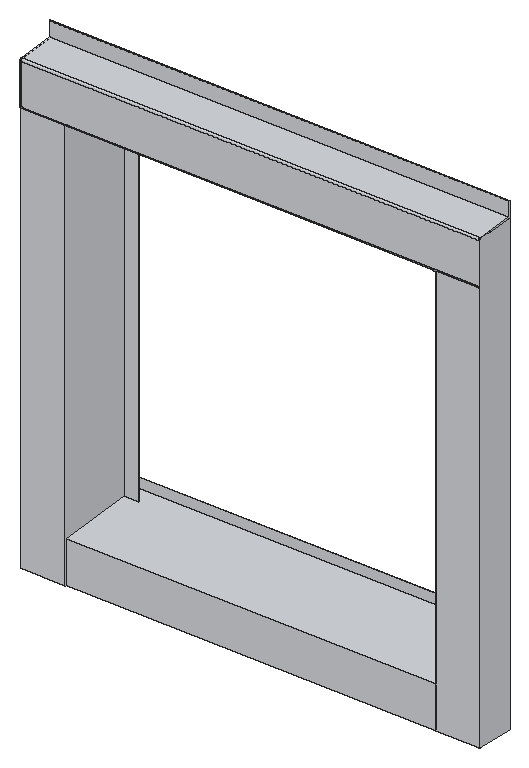
Revit family "Kader", category Generic Models, Revit 2022
Family settings
  Can host rebar = No
  Round Connector Dimension = Use Diameter
  Part Type = Normal
  Work Plane-Based = No
  Always vertical = Yes
  Cut with Voids When Loaded = No
  Maintain Annotation Orientation = No
  Shared = No
  Room Calculation Point = No
Parameters
  Waterhol_zichtbaar [instance] = not(Druppel)  # yes
  Manufacturer = "Meilof Riks BV"  # constant formula
  Kleur [instance] = none
  Keynote = "Kader"  # constant formula
  Hoogte_onderregel [instance] = 113 mm
  Hoogte_onderkant [instance] = 1200 mm
  Hoogte [instance] = 1000 mm
  Hoek_waterslag [instance] = 5.00°
  Hoek_bovenregel [instance] = 5.00°
  Druppel [instance] = no
  Diepte_waterslag [instance] = 140 mm
  Diepte_negge [instance] = 100 mm
  Diepte_kader [instance] = 100 mm
  Description = "Maatvoering altijd in overleg met Meilof Riks BV."  # constant formula
  Default Elevation = 0 mm
  Hoogte_bovenregel [instance] = 120 mm
  Breedte_zijstijl [instance] = 120 mm
  Breedte [instance] = 1000 mm
Reference planes
  plane 1 "Center (Front/Back)": y = 0
  plane 2: z = 0
  plane 3 "Center (Left/Right)": x = 0
Dimensions and locks
  aligned and locked: level to plane 2
  aligned and locked: plane 1 "Center (Front/Back)" to nested 1
  aligned and locked: plane 3 "Center (Left/Right)" to nested 1
  aligned and locked: plane 1 "Center (Front/Back)" to nested 2
  aligned and locked: plane 3 "Center (Left/Right)" to nested 2
Nested families
  nested 1: "Kader_KI_druppel" at (0, 0, 0), Breedte <- "Breedte", Diepte_kader <- "Diepte_kader", Diepte_negge <- "Diepte_negge", Hoogte <- "Hoogte", Hoogte_onderkant <- "Hoogte_onderkant", Hoogte_onderregel <- "Hoogte_onderregel", Hoogte_bovenregel <- "Hoogte_bovenregel", Breedte_zijstijl <- "Breedte_zijstijl", Hoek_bovenzijde <- "Hoek_bovenregel", Hoek_waterslag <- "Hoek_waterslag", Diepte_waterslag <- "Diepte_waterslag", Kleur <- "Kleur", visible <- "Druppel", type "Kader_KI_druppel"
    with Kleur none, Hoogte_onderregel 113 mm, Hoogte_onderkant 1200 mm, Hoogte_bovenregel 120 mm, Hoogte 1000 mm, Hoek_waterslag 5.00°, Hoek_bovenzijde 5.00°, Diepte_waterslag 140 mm, Diepte_negge 100 mm, Diepte_kader 100 mm, Breedte_zijstijl 120 mm, Breedte 1000 mm
  nested 2: "Kader_KI_zonder_druppel" at (0, 0, 0), Breedte <- "Breedte", Hoogte <- "Hoogte", Diepte_kader <- "Diepte_kader", Diepte_negge <- "Diepte_negge", Hoogte_onderkant <- "Hoogte_onderkant", Hoogte_onderregel <- "Hoogte_onderregel", Hoogte_bovenregel <- "Hoogte_bovenregel", Breedte_zijstijl <- "Breedte_zijstijl", Diepte_waterslag <- "Diepte_waterslag", Hoek_bovenzijde <- "Hoek_bovenregel", Hoek_waterslag <- "Hoek_waterslag", visible <- "Waterhol_zichtbaar", type "Kader_KI_zonder_druppel"
    with Kleur none, Hoogte_onderregel 113 mm, Hoogte_onderkant 1200 mm, Hoogte_bovenregel 120 mm, Hoogte 1000 mm, Hoek_waterslag 5.00°, Hoek_bovenzijde 5.00°, Diepte_waterslag 140 mm, Diepte_negge 100 mm, Diepte_kader 100 mm, Breedte_zijstijl 120 mm, Breedte 1000 mm
Definition of nested family "Kader_KI_druppel"
  Parameters (values of type "Kader_KI_druppel")
    URL = "https://www.meilofriks.nl/kaders/ki/"
    Model = "Kader KI met druppel"
    Kleur [instance] = none
    Hoogte_onderregel [instance] = 118 mm
    Hoogte_onderkant [instance] = 1000 mm
    Hoogte [instance] = 1500 mm
    Hoogte_bovenregel [instance] = 150 mm
    Hoek_waterslag [instance] = 5.00°
    Hoek_bovenzijde [instance] = 5.00°
    Diepte_waterslag [instance] = 150 mm
    Diepte_negge [instance] = 110 mm
    Diepte_kader [instance] = 150 mm
    Description = "Maatvoering in overleg met Meilof Riks BV. Dit model is enkel voor visualisatie."
    Breedte_zijstijl [instance] = 140 mm
    Default Elevation = 0 mm
    Breedte [instance] = 1000 mm
    Assembly Code = "Kader KI met druppel"
  Reference planes
    plane 1 "Center (Front/Back)": y = 0
    plane 2: z = 0
    plane 3 "Center (Left/Right)": x = 0
    plane 4: x = -500
    plane 5: x = 500
    plane 6: z = 2500
    plane 7: z = 1000
  Dimensions and locks
    equal spacing: plane 5, plane 3 "Center (Left/Right)", plane 4
    "Breedte": plane 5 to plane 4
    "Hoogte": plane 6 to plane 7
    "Hoogte_onderkant": plane 7 to level
    aligned and locked: level to plane 2
    aligned and locked: nested 1 to plane 1 "Center (Front/Back)"
    aligned and locked: nested 1 to plane 3 "Center (Left/Right)"
    aligned and locked: nested 1 to plane 6
    aligned and locked: plane 1 "Center (Front/Back)" to nested 2
    aligned and locked: plane 3 "Center (Left/Right)" to nested 3
    aligned and locked: plane 1 "Center (Front/Back)" to nested 3
    aligned and locked: plane 4 to nested 4
    aligned and locked: nested 4 to plane 1 "Center (Front/Back)"
    aligned and locked: plane 5 to nested 2
  Nested families
    nested 1: "Kader_bovenregel" at (0, -151.2, 2500) x (-1, 0, 0) z (0, 0, 1), Breedte_kozijn <- "Breedte", Breedte_zijstijl <- "Breedte_zijstijl", Diepte_negge <- "Diepte_negge", Diepte_kader <- "Diepte_kader", Hoogte_regel <- "Hoogte_bovenregel", Hoek <- "Hoek_bovenzijde", Kleur <- "Kleur", type "Kader_bovenregel"
      with Rad3 3 mm, Kleur none, Hoogte_regel 150 mm, Hoek_h 13.228 mm, Hoek 5.00°, Extrusie_R 640 mm, Extrusie_L -640 mm, Diepte_regel_a 151.2 mm, Diepte_negge 110 mm, Diepte_kader 150 mm, Breedte_zijstijl 140 mm, Breedte_kozijn 1000 mm
    nested 2: "Kader_zijstijl" at (500, 0, 1000), Diepte_kader <- "Diepte_kader", Breedte_zijstijl <- "Breedte_zijstijl", Diepte_negge <- "Diepte_negge", Hoogte_onderregel <- "Hoogte_onderregel", Hoogte_bovenregel <- "Hoogte_bovenregel", Hoogte_kozijn <- "Hoogte", built-in parameter 1001360 <- "Hoogte_onderkant", Hoek <- "Hoek_bovenzijde", Hoek_waterslag <- "Hoek_waterslag", Kleur <- "Kleur", type "Kader_zijstijl"
      with Kleur none, Hoogte_onderregel 118 mm, Hoogte_kozijn 1500 mm, Hoogte_bovenregel_min 148.8 mm, Hoogte_bovenregel 150 mm, Hoek_waterslag_h 13.123 mm, Hoek_waterslag 5.00°, Hoek_h 13.123 mm, Hoek 5.00°, Extrude_onder 138.8 mm, Extrude_2_neg -168 mm, Extrude_2 168 mm, Extrude_1 1713.123 mm, Diepte_negge 110 mm, Diepte_kader 150 mm, Breedte_zijstijl 140 mm
    nested 3: "Kader_onderregel" at (0, 0, 1000), Breedte_kozijn <- "Breedte", Breedte_zijstijl <- "Breedte_zijstijl", Diepte_kader <- "Diepte_kader", Diepte_negge <- "Diepte_negge", Hoogte_regel_onder <- "Hoogte_onderregel", built-in parameter 1001360 <- "Hoogte_onderkant", Hoek_waterslag <- "Hoek_waterslag", Diepte_waterslag <- "Diepte_waterslag", Kleur <- "Kleur", type "Kader_onderregel"
      with Void_start -116.8 mm, Void_end 213.123 mm, Kleur none, Hoogte_waterslag 13.123 mm, Hoogte_regel_onder_neg -118 mm, Hoogte_regel_onder 118 mm, Hoogte_lip 43.123 mm, Hoek_waterslag 5.00°, Extrusie_R 638.8 mm, Extrusie_L -638.8 mm, Diepte_waterslag 150 mm, Diepte_negge 110 mm, Diepte_kader_d 148.8 mm, Diepte_kader 150 mm, Breedte_zijstijl 140 mm, Breedte_kozijn 1000 mm, Begin_void 500 mm
    nested 4: "Kader_zijstijl" at (-500, 0, 1000) x (-1, 0, 0) z (0, 0, 1), Diepte_kader <- "Diepte_kader", Breedte_zijstijl <- "Breedte_zijstijl", Diepte_negge <- "Diepte_negge", Hoogte_onderregel <- "Hoogte_onderregel", Hoogte_bovenregel <- "Hoogte_bovenregel", Hoogte_kozijn <- "Hoogte", built-in parameter 1001360 <- "Hoogte_onderkant", Hoek <- "Hoek_bovenzijde", Hoek_waterslag <- "Hoek_waterslag", Kleur <- "Kleur", type "Kader_zijstijl"
      with Kleur none, Hoogte_onderregel 118 mm, Hoogte_kozijn 1500 mm, Hoogte_bovenregel_min 148.8 mm, Hoogte_bovenregel 150 mm, Hoek_waterslag_h 13.123 mm, Hoek_waterslag 5.00°, Hoek_h 13.123 mm, Hoek 5.00°, Extrude_onder 138.8 mm, Extrude_2_neg -168 mm, Extrude_2 168 mm, Extrude_1 1713.123 mm, Diepte_negge 110 mm, Diepte_kader 150 mm, Breedte_zijstijl 140 mm
  Definition of nested family "Kader_bovenregel"
    Parameters (values of type "Kader_bovenregel")
      Rad_5 = 4.2 mm
      Rad3 [instance] = 3 mm
      Kleur [instance] = none
      Hoogte_regel [instance] = 180 mm
      Hoek_h [instance] = Diepte_regel_a * tan(Hoek)  # 10.604 mm
      Hoek [instance] = 5.00°
      Extrusie_R [instance] = (Breedte_kozijn + (2 * Breedte_zijstijl)) / 2  # 750 mm
      Extrusie_L [instance] = -Extrusie_R  # -750 mm
      Diepte_negge [instance] = 200 mm
      Diepte_regel_a [instance] = Diepte_kader + 1.2 mm  # 121.2 mm
      Diepte_kader [instance] = 120 mm
      Default Elevation = 0 mm
      Breedte_zijstijl [instance] = 250 mm
      Breedte_kozijn [instance] = 1000 mm
    Reference planes
      plane 1 "Center (Front/Back)": y = 0
      plane 2: z = 0
      plane 3 "Center (Left/Right)": x = 0
      plane 4: z = 180
      plane 5: y = -121.2
      plane 6: y = -32
      plane 7: y = -50.2
      plane 8: y = -68.4
      plane 9: z = 2
      plane 10: z = 190.604
      plane 11: z = 230.604
      plane 12: y = -321.2
      plane 13: x = -750
      plane 14: x = 750
      plane 15: z = 3.2
      plane 16: z = 1.2
    Forms (mm)
      Extrusion 1, solid, material <- "Kleur"
        sketch origin (0, 0, 0) x (0, 1, 0) y (0, 0, 1)
          loop
            line (0, 4.2) -> (0, 176.151)
            arc (0, 176.151) -> (-1.103, 178.989) -> (-3.834, 180.335) r 4.2
            line (-3.834, 180.335) -> (-120, 190.499) -> (-120, 230.604) -> (-121.2, 230.604) -> (-121.2, 1.2) -> (-320, 1.2) -> (-320, 20) -> (-321.2, 20) -> (-321.2, 0) -> (-68.4, 0) -> (-50.2, 2) -> (-32, 0) -> (-4.2, 0)
            arc (-4.2, 0) -> (-1.23, 1.23) -> (0, 4.2) r 4.2
        from 750 <- "Extrusie_R" to -750 <- "Extrusie_L"
      Extrusion 2, void
        sketch origin (750, 0, 0) x (0, -1, 0) y (0, 0, 1)
          loop
            line (121.252, 189.404) -> (3.939, 179.14)
            arc (3.939, 179.14) -> (1.988, 178.178) -> (1.2, 176.151) r 3
            line (1.2, 176.151) -> (1.2, 0) -> (321.2, 0) -> (321.2, 189.404) -> (121.252, 189.404)
        from 0 to 250 <- "Breedte_zijstijl"
      Extrusion 3, void
        sketch origin (-750, 0, 0) x (0, 1, 0) y (0, 0, 1)
          loop
            line (-3.939, 179.14) -> (-121.252, 189.404) -> (-321.2, 189.404) -> (-321.2, 0) -> (-1.2, 0) -> (-1.2, 176.151)
            arc (-1.2, 176.151) -> (-1.988, 178.178) -> (-3.939, 179.14) r 3
        from 0 to 250 <- "Breedte_zijstijl"
      Extrusion 4, void
        sketch origin (750, -1524, 426.691) x (0, 0, -1) y (0, -1, 0)
          loop
            line (425.491, -1519.8) -> (425.491, -1492) -> (423.491, -1473.8) -> (425.491, -1455.6) -> (425.491, -1402.8) -> (237.292, -1402.8) -> (247.551, -1520.061)
            arc (247.551, -1520.061) -> (248.513, -1522.012) -> (250.539, -1522.8) r 3
            line (250.539, -1522.8) -> (422.491, -1522.8)
            arc (422.491, -1522.8) -> (424.612, -1521.921) -> (425.491, -1519.8) r 3
        from 0 to 1500
    Cuts and joins
      Extrusion 2, Extrusion 3, Extrusion 4 cuts Extrusion 1
    Lines and regions (mm)
      reference lines
        curve 1: line (0, 0, 180) -> (0, -121.2, 190.604)
    Dimensions and locks
      "Diepte_regel_a": plane 1 "Center (Front/Back)" to plane 5
      "Hoogte_regel": plane 4 to level
      locked: plane 9 to plane 2 at 2
      locked: plane 1 "Center (Front/Back)" to plane 6 at 32
      locked: plane 6 to plane 7 at 18.2
      locked: plane 7 to plane 8 at 18.2
      "Hoek_h": plane 10 to plane 4
      locked: plane 11 to plane 10 at 40
      locked: Extrusion 1 sketch curve to plane 5 at 1.2
      locked: Extrusion 1 sketch curve to level at 1.2
      locked: Extrusion 1 sketch curve to plane 12 at 1.2
      "Diepte_negge": plane 5 to plane 12
      "Extrusie_R": plane 3 "Center (Left/Right)" to plane 13
      "Extrusie_R": plane 14 to plane 3 "Center (Left/Right)"
      locked: curve 1 to Extrusion 2 sketch curve at 1.2
      locked: plane 1 "Center (Front/Back)" to Extrusion 2 sketch curve at 1.2
      plane 10 to Extrusion 2 sketch curve = 1.2 mm
      locked: cut or joined group of Extrusion 1, Extrusion 2, Extrusion 3, Extrusion 4 to Extrusion 3 sketch curve at 1.2
      locked: plane 10 to Extrusion 3 sketch curve at 1.2
      locked: plane 1 "Center (Front/Back)" to Extrusion 3 sketch curve at 1.2
      locked: plane 16 to plane 2 at 1.2
      locked: plane 15 to plane 16 at 2
      locked: plane 1 "Center (Front/Back)" to Extrusion 4 sketch curve at 1.2
      locked: Extrusion 4 sketch curve to curve 1 at 1.2
      "Rad_5": radius of Extrusion 1 sketch curve  (x2)
      "Rad3": radius of Extrusion 2 sketch curve
      "Rad3": radius of Extrusion 3 sketch curve
      "Rad3": radius of Extrusion 4 sketch curve  (x2)
      aligned and locked: level to plane 2
      aligned and locked: plane 2 to Extrusion 1 sketch curve  (x2)
      aligned and locked: Extrusion 1 sketch curve to plane 12
      aligned and locked: plane 9 to Extrusion 1 sketch curve
      aligned and locked: plane 7 to Extrusion 1 sketch curve
      aligned and locked: plane 8 to Extrusion 1 sketch curve
      aligned and locked: plane 6 to Extrusion 1 sketch curve
      aligned and locked: plane 1 "Center (Front/Back)" to Extrusion 1 sketch curve
      aligned and locked: curve 1 to Extrusion 1 sketch curve
      aligned and locked: Extrusion 1 sketch curve to plane 11
      aligned and locked: Extrusion 1 sketch curve to plane 5
      aligned and locked: Extrusion 2 sketch curve to plane 2
      aligned and locked: Extrusion 2 sketch curve to plane 12
      aligned and locked: plane 2 to Extrusion 3 sketch curve
      aligned and locked: Extrusion 4 sketch curve to plane 16  (x2)
      aligned and locked: plane 15 to Extrusion 4 sketch curve
      aligned and locked: plane 5 to Extrusion 4 sketch curve
      aligned and locked: Extrusion 1 to Extrusion 4  (x2)
    Automatic sketch dimensions
      curve 1 to plane 5 = 0 mm
      curve 1 to plane 1 "Center (Front/Back)" = 0 mm
      curve 1 to plane 4 = 0 mm
      curve 1 to plane 10 = 0 mm
      plane 15 to Extrusion 1 sketch curve = 16.8 mm
      Extrusion 3 sketch curve to Extrusion 1 = 0 mm
      Extrusion 4 sketch curve to plane 6 = 0 mm
      Extrusion 4 sketch curve to plane 7 = 0 mm
      Extrusion 4 sketch curve to plane 8 = 0 mm
  Definition of nested family "Kader_zijstijl"
    Parameters (values of type "Kader_zijstijl")
      rad_5 = 5 mm
      Kleur [instance] = none
      Hoogte_onderregel [instance] = 150 mm
      Hoogte_kozijn [instance] = 1400 mm
      Hoogte_bovenregel_min [instance] = Hoogte_bovenregel - 1.2 mm  # 148.8 mm
      Hoogte_bovenregel [instance] = 150 mm
      Hoek_waterslag_h [instance] = Diepte_kader * tan(Hoek_waterslag)  # 43.744 mm
      Hoek_waterslag [instance] = 5.00°
      Hoek_h [instance] = Diepte_kader * tan(Hoek)  # 43.744 mm
      Hoek [instance] = 5.00°
      Extrude_onder [instance] = Breedte_zijstijl - 1.2 mm  # 198.8 mm
      Extrude_2_neg [instance] = -Extrude_2  # -200 mm
      Extrude_2 [instance] = Hoogte_onderregel + 50 mm  # 200 mm
      Extrude_1 [instance] = Hoogte_kozijn + Hoogte_bovenregel + Hoek_h + 50 mm  # 1643.744 mm
      Diepte_negge [instance] = 132.305 mm
      Diepte_kader [instance] = 500 mm
      Default Elevation = 0 mm
      Breedte_zijstijl [instance] = 200 mm
    Reference planes
      plane 1 "Center (Front/Back)": y = 0
      plane 2: z = 0
      plane 3 "Center (Left/Right)": x = 0
      plane 4: y = -500
      plane 5: x = 200
      plane 6: x = -40
      plane 7: y = 132.305
      plane 8: z = -200
      plane 9: z = 1643.744
      plane 10: z = 1400
      plane 11: z = -150
      plane 12: z = 1548.8
      plane 13: z = 1592.544
      plane 14: y = -498.8
      plane 15: z = -1.2
      plane 16: z = 43.744
      plane 17: x = 1.2
      plane 18: x = 198.8
      plane 19: y = -472
      plane 20: y = -422
      plane 21: z = 1405
      plane 22: y = -465
    Forms (mm)
      Extrusion 1, solid, material <- "Kleur"
        sketch origin (0, 0, 0) x (1, 0, 0) y (0, 1, 0)
          loop
            line (-40, 132.305) -> (-40, 131.105) -> (0, 131.105) -> (0, -500) -> (200, -500) -> (200, 0) -> (1.2, 0) -> (1.2, 132.305) -> (-40, 132.305)
        from -200 <- "Extrude_2_neg" to 1643.744 <- "Extrude_1"
      Extrusion 2, void
        sketch origin (0, 0, 0) x (0, 1, 0) y (0, 0, 1)
          loop
            line (-500, 1548.8) -> (0, 1592.544) -> (0, 1400) -> (132.305, 1400) -> (132.305, 1643.744) -> (-500, 1643.744) -> (-500, 1548.8)
        from -40 to 200
      Extrusion 3, void
        sketch origin (0, 0, 0) x (0, 1, 0) y (0, 0, 1)
          loop
            line (-498.8, -200) -> (132.305, -200) -> (132.305, 55.347) -> (-498.8, 0) -> (-498.8, -200)
        from -50 to 198.8 <- "Extrude_onder"
      Extrusion 4, void
        sketch origin (0, 0, 0) x (0, 1, 0) y (0, 0, 1)
          loop
            line (132.305, -150) -> (-465, -150) -> (-492.5, -165.877)
            arc (-492.5, -165.877) -> (-497.5, -165.877) -> (-500, -161.547) r 5
            line (-500, -161.547) -> (-500, -200) -> (132.305, -200) -> (132.305, -150)
        from -40 to 200
      Extrusion 5, void
        sketch origin (0, 0, 0) x (0, 1, 0) y (0, 0, 1)
          loop
            line (0, 1400) -> (0, 1592.544) -> (-500, 1548.8) -> (-500, 1405) -> (-498.8, 1405) -> (-498.8, 1400) -> (-472, 1400) -> (-472, 1405) -> (-422, 1405) -> (-422, 1400) -> (0, 1400)
        from 0 to 198.8 <- "Extrude_onder"
      Extrusion 6, void
        sketch origin (0, 0, 0) x (1, 0, 0) y (0, 1, 0)
          loop
            line (1.2, -498.8) -> (198.8, -498.8) -> (198.8, 0) -> (1.2, 0) -> (1.2, -498.8)
        from -150 to 1400
      Extrusion 7, void
        sketch origin (0, 0, 0) x (1, 0, 0) y (0, 1, 0)
          loop
            line (1.2, -422) -> (1.2, -472) -> (198.8, -472) -> (198.8, -422) -> (1.2, -422)
        from 0 to 1643.744
    Cuts and joins
      Extrusion 2, Extrusion 3, Extrusion 4, Extrusion 5, Extrusion 6, Extrusion 7 cuts Extrusion 1
    Lines and regions (mm)
      reference lines
        curve 1: line (0, -500, 1548.8) -> (0, 0, 1592.544)
        curve 2: line (0, -498.8, 0) -> (0, 0, 43.744)
    Dimensions and locks
      "Breedte_zijstijl": plane 3 "Center (Left/Right)" to plane 5
      "Diepte_kader": plane 4 to plane 1 "Center (Front/Back)"
      locked: plane 6 to plane 3 "Center (Left/Right)" at 40
      "Diepte_negge": plane 7 to plane 1 "Center (Front/Back)"
      locked: plane 7 to Extrusion 1 sketch curve at 1.2
      locked: plane 3 "Center (Left/Right)" to Extrusion 1 sketch curve at 1.2
      "Extrude_1": plane 9 to level
      "Extrude_2": plane 2 to plane 8
      "Hoogte_onderregel": plane 2 to plane 11
      "Hoogte_kozijn": plane 10 to plane 2
      "Hoogte_bovenregel_min": plane 12 to plane 10
      "Hoek_h": plane 13 to plane 12
      locked: plane 14 to plane 4 at 1.2
      locked: plane 2 to plane 15 at 1.2
      "Hoek_waterslag_h": plane 16 to plane 2
      locked: plane 3 "Center (Left/Right)" to plane 17 at 1.2
      Extrusion 6 to plane 3 "Center (Left/Right)" = 198.8 mm
      locked: plane 18 to plane 5 at 1.2
      locked: plane 21 to plane 10 at 5
      locked: plane 19 to plane 4 at 28
      locked: plane 20 to plane 19 at 50
      locked: plane 3 "Center (Left/Right)" to Extrusion 7 sketch curve at 1.2
      locked: Extrusion 7 sketch curve to plane 5 at 1.2
      locked: plane 22 to plane 4 at 35
      "rad_5": radius of Extrusion 4 sketch curve
      angle plane 11 to Extrusion 4 sketch curve = 150.00°
      aligned and locked: level to plane 2
      aligned and locked: Extrusion 1 sketch curve to plane 7
      aligned and locked: plane 3 "Center (Left/Right)" to Extrusion 1 sketch curve
      aligned and locked: plane 4 to Extrusion 1 sketch curve
      aligned and locked: plane 5 to Extrusion 1 sketch curve
      aligned and locked: plane 1 "Center (Front/Back)" to Extrusion 1 sketch curve
      aligned and locked: Extrusion 2 sketch curve to plane 9
      aligned and locked: plane 4 to Extrusion 2 sketch curve
      aligned and locked: Extrusion 2 sketch curve to plane 7
      aligned and locked: Extrusion 2 sketch curve to curve 1
      aligned and locked: Extrusion 2 to plane 5
      aligned and locked: Extrusion 2 to plane 6
      aligned and locked: plane 10 to Extrusion 2 sketch curve
      aligned and locked: Extrusion 2 sketch curve to plane 1 "Center (Front/Back)"
      aligned and locked: cut or joined group of Extrusion 1, Extrusion 2, Extrusion 3, Extrusion 4, Extrusion 5, Extrusion 6, Extrusion 7 to plane 5
      aligned and locked: Extrusion 3 sketch curve to plane 8
      aligned and locked: plane 14 to Extrusion 3 sketch curve
      aligned and locked: plane 7 to Extrusion 3 sketch curve
      aligned and locked: Extrusion 3 sketch curve to curve 2
      aligned and locked: plane 11 to Extrusion 4 sketch curve
      aligned and locked: plane 7 to Extrusion 4 sketch curve
      aligned and locked: Extrusion 4 sketch curve to plane 8
      aligned and locked: plane 4 to Extrusion 4 sketch curve
      aligned and locked: Extrusion 4 to plane 6
      aligned and locked: Extrusion 4 to plane 5
      aligned and locked: Extrusion 5 sketch curve to plane 1 "Center (Front/Back)"
      aligned and locked: Extrusion 5 sketch curve to plane 10
      aligned and locked: Extrusion 5 sketch curve to cut or joined group of Extrusion 1, Extrusion 2, Extrusion 3, Extrusion 4, Extrusion 5, Extrusion 6, Extrusion 7
      aligned and locked: plane 14 to Extrusion 6 sketch curve
      aligned and locked: plane 17 to Extrusion 6 sketch curve
      aligned and locked: Extrusion 6 sketch curve to plane 1 "Center (Front/Back)"
      aligned and locked: plane 10 to Extrusion 6
      aligned and locked: Extrusion 6 to plane 11
      aligned and locked: Extrusion 6 sketch curve to plane 18
      aligned and locked: plane 13 to Extrusion 2 sketch curve
      aligned and locked: Extrusion 2 sketch curve to plane 12
      aligned and locked: Extrusion 5 sketch curve to plane 21  (x2)
      aligned and locked: plane 20 to Extrusion 5 sketch curve
      aligned and locked: Extrusion 5 sketch curve to plane 19
      aligned and locked: cut or joined group of Extrusion 1, Extrusion 2, Extrusion 3, Extrusion 4, Extrusion 5, Extrusion 6, Extrusion 7 to Extrusion 7 sketch curve
      aligned and locked: Extrusion 7 sketch curve to cut or joined group of Extrusion 1, Extrusion 2, Extrusion 3, Extrusion 4, Extrusion 5, Extrusion 6, Extrusion 7
      aligned and locked: Extrusion 1 to Extrusion 7
      aligned and locked: plane 14 to Extrusion 5 sketch curve
    Automatic sketch dimensions
      Extrusion 1 sketch curve to plane 6 = 0 mm
      curve 1 to plane 4 = 0 mm
      curve 2 to level = 0 mm
      curve 2 to plane 14 = 0 mm
      curve 2 to plane 1 "Center (Front/Back)" = 0 mm
      curve 1 to plane 1 "Center (Front/Back)" = 0 mm
      curve 2 to plane 16 = 0 mm
      curve 1 to plane 12 = 0 mm
      curve 1 to plane 13 = 0 mm
      Extrusion 5 sketch curve to plane 4 = 0 mm
      Extrusion 5 sketch curve to plane 10 = 0 mm
      Extrusion 4 sketch curve to plane 22 = 0 mm
  Definition of nested family "Kader_onderregel"
    Parameters (values of type "Kader_onderregel")
      rad_5 = 5 mm
      rad3 = 3.8 mm
      Void_start [instance] = Hoogte_regel_onder_neg + 1.2 mm  # -148.8 mm
      Void_end [instance] = 200 mm + Hoogte_waterslag  # 288.163 mm
      Kleur [instance] = none
      Hoogte_waterslag [instance] = Diepte_kader * tan(Hoek_waterslag)  # 88.163 mm
      Hoogte_regel_onder_neg [instance] = -Hoogte_regel_onder  # -150 mm
      Hoogte_regel_onder [instance] = 150 mm
      Hoogte_lip [instance] = 30 mm + Hoogte_waterslag  # 118.163 mm
      Hoek_waterslag [instance] = 10.00°
      Extrusie_R [instance] = Breedte_kozijn / 2 + (Breedte_zijstijl - 1.2 mm)  # 718.8 mm
      Extrusie_L [instance] = -Extrusie_R  # -718.8 mm
      Diepte_waterslag [instance] = 120 mm
      Diepte_negge [instance] = 100 mm
      Diepte_kader_d [instance] = Diepte_kader - 1.2 mm  # 498.8 mm
      Diepte_kader [instance] = 500 mm
      Default Elevation = 0 mm
      Breedte_zijstijl [instance] = 120 mm
      Breedte_kozijn [instance] = 1200 mm
      Begin_void [instance] = Breedte_kozijn / 2  # 600 mm
    Reference planes
      plane 1 "Center (Front/Back)": y = 0
      plane 2: z = 0
      plane 3 "Center (Left/Right)": x = 0
      plane 4: x = 718.8
      plane 5: x = -718.8
      plane 6: y = -498.8
      plane 7: z = -150
      plane 8: y = 120
      plane 9: z = 88.163
      plane 10: y = 118.8
      plane 11: z = 206.327
      plane 12: x = 600
      plane 13: x = -600
      plane 14: y = -497.6
      plane 15: z = -148.8
      plane 16: y = -463.8
    Forms (mm)
      Extrusion 1, solid, material <- "Kleur"
        sketch origin (0, 0, 0) x (0, 1, 0) y (0, 0, 1)
          loop
            line (0, -150) -> (0, 86.945) -> (120, 108.155) -> (120, 206.327) -> (118.8, 206.327) -> (118.8, 109.162) -> (-498.8, 0) -> (-498.8, -161.547)
            arc (-498.8, -161.547) -> (-496.3, -165.877) -> (-491.3, -165.877) r 5
            line (-491.3, -165.877) -> (-463.8, -150) -> (0, -150)
        from -718.8 <- "Extrusie_L" to 718.8 <- "Extrusie_R"
      Extrusion 2, void
        sketch origin (0, 0, 0) x (1, 0, 0) y (0, 1, 0)
          loop
            line (718.8, 120) -> (600, 120) -> (600, -498.8) -> (718.8, -498.8) -> (718.8, 120)
          loop
            line (-718.8, 120) -> (-718.8, -498.8) -> (-600, -498.8) -> (-600, 120) -> (-718.8, 120)
        from -148.8 <- "Void_start" to 288.163 <- "Void_end"
      Extrusion 3, void
        sketch origin (0, 0, 0) x (0, 1, 0) y (0, 0, 1)
          loop
            line (-497.6, -1.006) -> (-497.6, -161.547)
            arc (-497.6, -161.547) -> (-495.7, -164.838) -> (-491.9, -164.838) r 3.8
            line (-491.9, -164.838) -> (-464.122, -148.8) -> (0, -148.8) -> (0, 86.945) -> (-497.6, -1.006)
        from -718.8 to 718.8
      Extrusion 4, void
        sketch origin (0, 0, -148.8) x (0, 1, 0) y (1, 0, 0)
          loop
            line (-497.6, 600) -> (-497.6, 718.8) -> (-498.8, 718.8) -> (-498.8, 600) -> (-497.6, 600)
        from 0 to 12
      Extrusion 5, void
        sketch origin (0, 0, -148.8) x (0, 1, 0) y (1, 0, 0)
          loop
            line (-497.6, -718.8) -> (-497.6, -600) -> (-498.8, -600) -> (-498.8, -718.8) -> (-497.6, -718.8)
        from 0 to 12
    Cuts and joins
      Extrusion 2, Extrusion 3, Extrusion 4, Extrusion 5 cuts Extrusion 1
    Lines and regions (mm)
      reference lines
        curve 1: line (0, -498.8, 0) -> (0, 0, 88.163)
    Dimensions and locks
      "Extrusie_R": plane 5 to plane 3 "Center (Left/Right)"
      "Extrusie_R": plane 3 "Center (Left/Right)" to plane 4
      "Hoogte_regel_onder": plane 2 to plane 7
      "Diepte_kader_d": plane 6 to plane 1 "Center (Front/Back)"
      "Diepte_waterslag": plane 1 "Center (Front/Back)" to plane 8
      "Hoogte_waterslag": plane 9 to level
      locked: plane 8 to plane 10 at 1.2
      "Hoogte_lip": plane 11 to plane 9
      curve 1 to Extrusion 1 sketch curve = 1.2 mm
      "Begin_void": plane 13 to plane 3 "Center (Left/Right)"
      "Begin_void": plane 3 "Center (Left/Right)" to plane 12
      locked: plane 6 to plane 14 at 1.2
      locked: plane 15 to plane 7 at 1.2
      cut or joined group of Extrusion 1, Extrusion 2, Extrusion 3, Extrusion 4, Extrusion 5 to Extrusion 3 sketch curve = 1.2 mm
      locked: plane 6 to plane 16 at 35
      Extrusion 3 sketch curve to cut or joined group of Extrusion 1, Extrusion 2, Extrusion 3, Extrusion 4, Extrusion 5 = 1.2 mm
      "rad_5": radius of Extrusion 1 sketch curve
      "rad3": radius of Extrusion 3 sketch curve
      locked: Extrusion 1 sketch curve to plane 7 (angle 150.00°)
      aligned and locked: level to plane 2
      aligned and locked: plane 11 to Extrusion 1 sketch curve
      aligned and locked: plane 10 to Extrusion 1 sketch curve
      aligned and locked: Extrusion 1 sketch curve to plane 8
      aligned and locked: Extrusion 1 sketch curve to curve 1
      aligned and locked: plane 1 "Center (Front/Back)" to Extrusion 1 sketch curve
      aligned and locked: Extrusion 1 sketch curve to plane 7
      aligned and locked: Extrusion 1 sketch curve to plane 6
      aligned and locked: plane 4 to Extrusion 2 sketch curve
      aligned and locked: plane 8 to Extrusion 2 sketch curve
      aligned and locked: plane 5 to Extrusion 2 sketch curve
      aligned and locked: Extrusion 2 sketch curve to plane 8
      aligned and locked: Extrusion 2 sketch curve to plane 13
      aligned and locked: Extrusion 3 sketch curve to plane 14
      aligned and locked: Extrusion 3 sketch curve to plane 15
      aligned and locked: Extrusion 3 sketch curve to plane 1 "Center (Front/Back)"
      aligned and locked: plane 4 to cut or joined group of Extrusion 1, Extrusion 2, Extrusion 3, Extrusion 4, Extrusion 5
      aligned and locked: cut or joined group of Extrusion 1, Extrusion 2, Extrusion 3, Extrusion 4, Extrusion 5 to plane 5
      aligned and locked: Extrusion 2 sketch curve to plane 6
      aligned and locked: plane 6 to Extrusion 2 sketch curve
      aligned and locked: plane 16 to Extrusion 1 sketch curve
      aligned and locked: Extrusion 4 sketch curve to plane 4
      aligned and locked: Extrusion 4 sketch curve to plane 14
      aligned and locked: plane 6 to Extrusion 4 sketch curve
      aligned and locked: Extrusion 4 sketch curve to plane 12
      aligned and locked: plane 5 to Extrusion 5 sketch curve
      aligned and locked: Extrusion 5 sketch curve to plane 14
      aligned and locked: plane 6 to Extrusion 5 sketch curve
      aligned and locked: plane 13 to Extrusion 5 sketch curve
    Automatic sketch dimensions
      curve 1 to level = 0 mm
      curve 1 to plane 6 = 0 mm
      curve 1 to plane 1 "Center (Front/Back)" = 0 mm
      curve 1 to plane 9 = 0 mm
      Extrusion 2 sketch curve to plane 12 = 0 mm
Definition of nested family "Kader_KI_zonder_druppel"
  Parameters (values of type "Kader_KI_zonder_druppel")
    URL = "https://www.meilofriks.nl/kaders/ki/"
    Model = "Kader KI"
    Kleur [instance] = none
    Hoogte_onderregel [instance] = 113 mm
    Hoogte_onderkant [instance] = 1000 mm
    Hoogte [instance] = 1000 mm
    Hoogte_bovenregel [instance] = 100 mm
    Hoek_waterslag [instance] = 5.00°
    Hoek_bovenzijde [instance] = 5.00°
    Diepte_waterslag [instance] = 80 mm
    Diepte_negge [instance] = 20 mm
    Diepte_kader [instance] = 80 mm
    Description = "Maatvoering in overleg met Meilof Riks BV"
    Breedte_zijstijl [instance] = 100 mm
    Default Elevation = 0 mm
    Breedte [instance] = 1000 mm
    Assembly Code = "Kader KI"
  Reference planes
    plane 1 "Center (Front/Back)": y = 0
    plane 2: z = 0
    plane 3 "Center (Left/Right)": x = 0
    plane 4: x = -500
    plane 5: x = 500
    plane 6: z = 2000
    plane 7: z = 1000
  Dimensions and locks
    equal spacing: plane 5, plane 3 "Center (Left/Right)", plane 4
    "Breedte": plane 5 to plane 4
    "Hoogte": plane 6 to plane 7
    "Hoogte_onderkant": plane 7 to level
    aligned and locked: level to plane 2
    aligned and locked: nested 1 to plane 1 "Center (Front/Back)"
    aligned and locked: nested 1 to plane 3 "Center (Left/Right)"
    aligned and locked: nested 1 to plane 6
    aligned and locked: plane 1 "Center (Front/Back)" to nested 2
    aligned and locked: plane 3 "Center (Left/Right)" to nested 3
    aligned and locked: plane 1 "Center (Front/Back)" to nested 3
    aligned and locked: plane 4 to nested 4
    aligned and locked: nested 4 to plane 1 "Center (Front/Back)"
    aligned and locked: plane 5 to nested 2
  Nested families
    nested 1: "Kader_bovenregel" at (0, -81.2, 2000) x (-1, 0, 0) z (0, 0, 1), Breedte_kozijn <- "Breedte", Breedte_zijstijl <- "Breedte_zijstijl", Diepte_negge <- "Diepte_negge", Diepte_kader <- "Diepte_kader", Hoogte_regel <- "Hoogte_bovenregel", Hoek <- "Hoek_bovenzijde", Kleur <- "Kleur", type "Kader_bovenregel"
      with Rad3 3 mm, Kleur none, Hoogte_regel 100 mm, Hoek_h 7.104 mm, Hoek 5.00°, Extrusie_R 600 mm, Extrusie_L -600 mm, Diepte_regel_a 81.2 mm, Diepte_negge 20 mm, Diepte_kader 80 mm, Breedte_zijstijl 100 mm, Breedte_kozijn 1000 mm
    nested 2: "Kader_zijstijl" at (500, 0, 1000), Diepte_kader <- "Diepte_kader", Breedte_zijstijl <- "Breedte_zijstijl", Diepte_negge <- "Diepte_negge", Hoogte_onderregel <- "Hoogte_onderregel", Hoogte_bovenregel <- "Hoogte_bovenregel", Hoogte_kozijn <- "Hoogte", built-in parameter 1001360 <- "Hoogte_onderkant", Hoek <- "Hoek_bovenzijde", Hoek_waterslag <- "Hoek_waterslag", Kleur <- "Kleur", type "Kader_zijstijl"
      with Kleur none, Hoogte_onderregel 113 mm, Hoogte_kozijn 1000 mm, Hoogte_bovenregel_min 98.8 mm, Hoogte_bovenregel 100 mm, Hoek_waterslag_h 6.999 mm, Hoek_waterslag 5.00°, Hoek_h 6.999 mm, Hoek 5.00°, Extrude_onder 98.8 mm, Extrude_2_neg -163 mm, Extrude_2 163 mm, Extrude_1 1156.999 mm, Diepte_negge 20 mm, Diepte_kader 80 mm, Breedte_zijstijl 100 mm
    nested 3: "Kader_onderregel" at (0, 0, 1000), Breedte_kozijn <- "Breedte", Breedte_zijstijl <- "Breedte_zijstijl", Diepte_kader <- "Diepte_kader", Diepte_negge <- "Diepte_negge", Hoogte_regel_onder <- "Hoogte_onderregel", built-in parameter 1001360 <- "Hoogte_onderkant", Hoek_waterslag <- "Hoek_waterslag", Diepte_waterslag <- "Diepte_waterslag", Kleur <- "Kleur", type "Kader_onderregel"
      with Void_start -111.8 mm, Void_end 206.999 mm, Kleur none, Hoogte_waterslag 6.999 mm, Hoogte_regel_onder_neg -113 mm, Hoogte_regel_onder 113 mm, Hoogte_lip 36.999 mm, Hoek_waterslag 5.00°, Extrusie_R 598.8 mm, Extrusie_L -598.8 mm, Diepte_waterslag 80 mm, Diepte_negge 20 mm, Diepte_kader_d 78.8 mm, Diepte_kader 80 mm, Breedte_zijstijl 100 mm, Breedte_kozijn 1000 mm, Begin_void 500 mm
    nested 4: "Kader_zijstijl" at (-500, 0, 1000) x (-1, 0, 0) z (0, 0, 1), Diepte_kader <- "Diepte_kader", Breedte_zijstijl <- "Breedte_zijstijl", Diepte_negge <- "Diepte_negge", Hoogte_onderregel <- "Hoogte_onderregel", Hoogte_bovenregel <- "Hoogte_bovenregel", Hoogte_kozijn <- "Hoogte", built-in parameter 1001360 <- "Hoogte_onderkant", Hoek <- "Hoek_bovenzijde", Hoek_waterslag <- "Hoek_waterslag", Kleur <- "Kleur", type "Kader_zijstijl"
      with Kleur none, Hoogte_onderregel 113 mm, Hoogte_kozijn 1000 mm, Hoogte_bovenregel_min 98.8 mm, Hoogte_bovenregel 100 mm, Hoek_waterslag_h 6.999 mm, Hoek_waterslag 5.00°, Hoek_h 6.999 mm, Hoek 5.00°, Extrude_onder 98.8 mm, Extrude_2_neg -163 mm, Extrude_2 163 mm, Extrude_1 1156.999 mm, Diepte_negge 20 mm, Diepte_kader 80 mm, Breedte_zijstijl 100 mm
  Definition of nested family "Kader_bovenregel"
    Parameters (values of type "Kader_bovenregel")
      Rad_5 = 4.2 mm
      Rad3 [instance] = 3 mm
      Kleur [instance] = none
      Hoogte_regel [instance] = 180 mm
      Hoek_h [instance] = Diepte_regel_a * tan(Hoek)  # 10.604 mm
      Hoek [instance] = 5.00°
      Extrusie_R [instance] = (Breedte_kozijn + (2 * Breedte_zijstijl)) / 2  # 750 mm
      Extrusie_L [instance] = -Extrusie_R  # -750 mm
      Diepte_negge [instance] = 200 mm
      Diepte_regel_a [instance] = Diepte_kader + 1.2 mm  # 121.2 mm
      Diepte_kader [instance] = 120 mm
      Default Elevation = 0 mm
      Breedte_zijstijl [instance] = 250 mm
      Breedte_kozijn [instance] = 1000 mm
    Reference planes
      plane 1 "Center (Front/Back)": y = 0
      plane 2: z = 0
      plane 3 "Center (Left/Right)": x = 0
      plane 4: z = 180
      plane 5: y = -121.2
      plane 6: y = -32
      plane 7: y = -50.2
      plane 8: y = -68.4
      plane 9: z = 2
      plane 10: z = 190.604
      plane 11: z = 230.604
      plane 12: y = -321.2
      plane 13: x = -750
      plane 14: x = 750
      plane 15: z = 3.2
      plane 16: z = 1.2
    Forms (mm)
      Extrusion 1, solid, material <- "Kleur"
        sketch origin (0, 0, 0) x (0, 1, 0) y (0, 0, 1)
          loop
            line (0, 4.2) -> (0, 176.151)
            arc (0, 176.151) -> (-1.103, 178.989) -> (-3.834, 180.335) r 4.2
            line (-3.834, 180.335) -> (-120, 190.499) -> (-120, 230.604) -> (-121.2, 230.604) -> (-121.2, 1.2) -> (-320, 1.2) -> (-320, 20) -> (-321.2, 20) -> (-321.2, 0) -> (-68.4, 0) -> (-50.2, 2) -> (-32, 0) -> (-4.2, 0)
            arc (-4.2, 0) -> (-1.23, 1.23) -> (0, 4.2) r 4.2
        from 750 <- "Extrusie_R" to -750 <- "Extrusie_L"
      Extrusion 2, void
        sketch origin (750, 0, 0) x (0, -1, 0) y (0, 0, 1)
          loop
            line (121.252, 189.404) -> (3.939, 179.14)
            arc (3.939, 179.14) -> (1.988, 178.178) -> (1.2, 176.151) r 3
            line (1.2, 176.151) -> (1.2, 0) -> (321.2, 0) -> (321.2, 189.404) -> (121.252, 189.404)
        from 0 to 250 <- "Breedte_zijstijl"
      Extrusion 3, void
        sketch origin (-750, 0, 0) x (0, 1, 0) y (0, 0, 1)
          loop
            line (-3.939, 179.14) -> (-121.252, 189.404) -> (-321.2, 189.404) -> (-321.2, 0) -> (-1.2, 0) -> (-1.2, 176.151)
            arc (-1.2, 176.151) -> (-1.988, 178.178) -> (-3.939, 179.14) r 3
        from 0 to 250 <- "Breedte_zijstijl"
      Extrusion 4, void
        sketch origin (750, -1524, 426.691) x (0, 0, -1) y (0, -1, 0)
          loop
            line (425.491, -1519.8) -> (425.491, -1492) -> (423.491, -1473.8) -> (425.491, -1455.6) -> (425.491, -1402.8) -> (237.292, -1402.8) -> (247.551, -1520.061)
            arc (247.551, -1520.061) -> (248.513, -1522.012) -> (250.539, -1522.8) r 3
            line (250.539, -1522.8) -> (422.491, -1522.8)
            arc (422.491, -1522.8) -> (424.612, -1521.921) -> (425.491, -1519.8) r 3
        from 0 to 1500
    Cuts and joins
      Extrusion 2, Extrusion 3, Extrusion 4 cuts Extrusion 1
    Lines and regions (mm)
      reference lines
        curve 1: line (0, 0, 180) -> (0, -121.2, 190.604)
    Dimensions and locks
      "Diepte_regel_a": plane 1 "Center (Front/Back)" to plane 5
      "Hoogte_regel": plane 4 to level
      locked: plane 9 to plane 2 at 2
      locked: plane 1 "Center (Front/Back)" to plane 6 at 32
      locked: plane 6 to plane 7 at 18.2
      locked: plane 7 to plane 8 at 18.2
      "Hoek_h": plane 10 to plane 4
      locked: plane 11 to plane 10 at 40
      locked: Extrusion 1 sketch curve to plane 5 at 1.2
      locked: Extrusion 1 sketch curve to level at 1.2
      locked: Extrusion 1 sketch curve to plane 12 at 1.2
      "Diepte_negge": plane 5 to plane 12
      "Extrusie_R": plane 3 "Center (Left/Right)" to plane 13
      "Extrusie_R": plane 14 to plane 3 "Center (Left/Right)"
      locked: curve 1 to Extrusion 2 sketch curve at 1.2
      locked: plane 1 "Center (Front/Back)" to Extrusion 2 sketch curve at 1.2
      plane 10 to Extrusion 2 sketch curve = 1.2 mm
      locked: cut or joined group of Extrusion 1, Extrusion 2, Extrusion 3, Extrusion 4 to Extrusion 3 sketch curve at 1.2
      locked: plane 10 to Extrusion 3 sketch curve at 1.2
      locked: plane 1 "Center (Front/Back)" to Extrusion 3 sketch curve at 1.2
      locked: plane 16 to plane 2 at 1.2
      locked: plane 15 to plane 16 at 2
      locked: plane 1 "Center (Front/Back)" to Extrusion 4 sketch curve at 1.2
      locked: Extrusion 4 sketch curve to curve 1 at 1.2
      "Rad_5": radius of Extrusion 1 sketch curve  (x2)
      "Rad3": radius of Extrusion 2 sketch curve
      "Rad3": radius of Extrusion 3 sketch curve
      "Rad3": radius of Extrusion 4 sketch curve  (x2)
      aligned and locked: level to plane 2
      aligned and locked: plane 2 to Extrusion 1 sketch curve  (x2)
      aligned and locked: Extrusion 1 sketch curve to plane 12
      aligned and locked: plane 9 to Extrusion 1 sketch curve
      aligned and locked: plane 7 to Extrusion 1 sketch curve
      aligned and locked: plane 8 to Extrusion 1 sketch curve
      aligned and locked: plane 6 to Extrusion 1 sketch curve
      aligned and locked: plane 1 "Center (Front/Back)" to Extrusion 1 sketch curve
      aligned and locked: curve 1 to Extrusion 1 sketch curve
      aligned and locked: Extrusion 1 sketch curve to plane 11
      aligned and locked: Extrusion 1 sketch curve to plane 5
      aligned and locked: Extrusion 2 sketch curve to plane 2
      aligned and locked: Extrusion 2 sketch curve to plane 12
      aligned and locked: plane 2 to Extrusion 3 sketch curve
      aligned and locked: Extrusion 4 sketch curve to plane 16  (x2)
      aligned and locked: plane 15 to Extrusion 4 sketch curve
      aligned and locked: plane 5 to Extrusion 4 sketch curve
      aligned and locked: Extrusion 1 to Extrusion 4  (x2)
    Automatic sketch dimensions
      curve 1 to plane 5 = 0 mm
      curve 1 to plane 1 "Center (Front/Back)" = 0 mm
      curve 1 to plane 4 = 0 mm
      curve 1 to plane 10 = 0 mm
      plane 15 to Extrusion 1 sketch curve = 16.8 mm
      Extrusion 3 sketch curve to Extrusion 1 = 0 mm
      Extrusion 4 sketch curve to plane 6 = 0 mm
      Extrusion 4 sketch curve to plane 7 = 0 mm
      Extrusion 4 sketch curve to plane 8 = 0 mm
  Definition of nested family "Kader_zijstijl"
    Parameters (values of type "Kader_zijstijl")
      Kleur [instance] = none
      Hoogte_onderregel [instance] = 150 mm
      Hoogte_kozijn [instance] = 1400 mm
      Hoogte_bovenregel_min [instance] = Hoogte_bovenregel - 1.2 mm  # 148.8 mm
      Hoogte_bovenregel [instance] = 150 mm
      Hoek_waterslag_h [instance] = Diepte_kader * tan(Hoek_waterslag)  # 43.744 mm
      Hoek_waterslag [instance] = 5.00°
      Hoek_h [instance] = Diepte_kader * tan(Hoek)  # 43.744 mm
      Hoek [instance] = 5.00°
      Extrude_onder [instance] = Breedte_zijstijl - 1.2 mm  # 198.8 mm
      Extrude_2_neg [instance] = -Extrude_2  # -200 mm
      Extrude_2 [instance] = Hoogte_onderregel + 50 mm  # 200 mm
      Extrude_1 [instance] = Hoogte_kozijn + Hoogte_bovenregel + Hoek_h + 50 mm  # 1643.744 mm
      Diepte_negge [instance] = 132.305 mm
      Diepte_kader [instance] = 500 mm
      Default Elevation = 0 mm
      Breedte_zijstijl [instance] = 200 mm
    Reference planes
      plane 1 "Center (Front/Back)": y = 0
      plane 2: z = 0
      plane 3 "Center (Left/Right)": x = 0
      plane 4: y = -500
      plane 5: x = 200
      plane 6: x = -40
      plane 7: y = 132.305
      plane 8: z = -200
      plane 9: z = 1643.744
      plane 10: z = 1400
      plane 11: z = -150
      plane 12: z = 1548.8
      plane 13: z = 1592.544
      plane 14: y = -498.8
      plane 15: z = -1.2
      plane 16: z = 43.744
      plane 17: x = 1.2
      plane 18: x = 198.8
      plane 19: y = -472
      plane 20: y = -422
      plane 21: z = 1405
    Forms (mm)
      Extrusion 1, solid, material <- "Kleur"
        sketch origin (0, 0, 0) x (1, 0, 0) y (0, 1, 0)
          loop
            line (-40, 132.305) -> (-40, 131.105) -> (0, 131.105) -> (0, -500) -> (200, -500) -> (200, 0) -> (1.2, 0) -> (1.2, 132.305) -> (-40, 132.305)
        from -200 <- "Extrude_2_neg" to 1643.744 <- "Extrude_1"
      Extrusion 2, void
        sketch origin (0, 0, 0) x (0, 1, 0) y (0, 0, 1)
          loop
            line (-500, 1548.8) -> (0, 1592.544) -> (0, 1400) -> (132.305, 1400) -> (132.305, 1643.744) -> (-500, 1643.744) -> (-500, 1548.8)
        from -40 to 200
      Extrusion 3, void
        sketch origin (0, 0, 0) x (0, 1, 0) y (0, 0, 1)
          loop
            line (-498.8, -200) -> (132.305, -200) -> (132.305, 55.347) -> (-498.8, 0) -> (-498.8, -200)
        from -50 to 198.8 <- "Extrude_onder"
      Extrusion 4, void
        sketch origin (0, 0, 0) x (0, 1, 0) y (0, 0, 1)
          loop
            line (132.305, -150) -> (-500, -150) -> (-500, -200) -> (132.305, -200) -> (132.305, -150)
        from -40 to 200
      Extrusion 5, void
        sketch origin (0, 0, 0) x (0, 1, 0) y (0, 0, 1)
          loop
            line (0, 1400) -> (0, 1592.544) -> (-500, 1548.8) -> (-500, 1405) -> (-498.8, 1405) -> (-498.8, 1400) -> (-472, 1400) -> (-472, 1405) -> (-422, 1405) -> (-422, 1400) -> (0, 1400)
        from 0 to 198.8 <- "Extrude_onder"
      Extrusion 6, void
        sketch origin (0, 0, 0) x (1, 0, 0) y (0, 1, 0)
          loop
            line (1.2, -498.8) -> (198.8, -498.8) -> (198.8, 0) -> (1.2, 0) -> (1.2, -498.8)
        from -150 to 1400
      Extrusion 7, void
        sketch origin (0, 0, 0) x (1, 0, 0) y (0, 1, 0)
          loop
            line (1.2, -422) -> (1.2, -472) -> (198.8, -472) -> (198.8, -422) -> (1.2, -422)
        from 0 to 1643.744
    Cuts and joins
      Extrusion 2, Extrusion 3, Extrusion 4, Extrusion 5, Extrusion 6, Extrusion 7 cuts Extrusion 1
    Lines and regions (mm)
      reference lines
        curve 1: line (0, -500, 1548.8) -> (0, 0, 1592.544)
        curve 2: line (0, -498.8, 0) -> (0, 0, 43.744)
    Dimensions and locks
      "Breedte_zijstijl": plane 3 "Center (Left/Right)" to plane 5
      "Diepte_kader": plane 4 to plane 1 "Center (Front/Back)"
      locked: plane 6 to plane 3 "Center (Left/Right)" at 40
      "Diepte_negge": plane 7 to plane 1 "Center (Front/Back)"
      locked: plane 7 to Extrusion 1 sketch curve at 1.2
      locked: plane 3 "Center (Left/Right)" to Extrusion 1 sketch curve at 1.2
      "Extrude_1": plane 9 to level
      "Extrude_2": plane 2 to plane 8
      "Hoogte_onderregel": plane 2 to plane 11
      "Hoogte_kozijn": plane 10 to plane 2
      "Hoogte_bovenregel_min": plane 12 to plane 10
      "Hoek_h": plane 13 to plane 12
      locked: plane 14 to plane 4 at 1.2
      locked: plane 2 to plane 15 at 1.2
      "Hoek_waterslag_h": plane 16 to plane 2
      locked: plane 3 "Center (Left/Right)" to plane 17 at 1.2
      Extrusion 6 to plane 3 "Center (Left/Right)" = 198.8 mm
      locked: plane 18 to plane 5 at 1.2
      locked: plane 21 to plane 10 at 5
      locked: plane 19 to plane 4 at 28
      locked: plane 20 to plane 19 at 50
      locked: plane 3 "Center (Left/Right)" to Extrusion 7 sketch curve at 1.2
      locked: Extrusion 7 sketch curve to plane 5 at 1.2
      aligned and locked: level to plane 2
      aligned and locked: Extrusion 1 sketch curve to plane 7
      aligned and locked: plane 3 "Center (Left/Right)" to Extrusion 1 sketch curve
      aligned and locked: plane 4 to Extrusion 1 sketch curve
      aligned and locked: plane 5 to Extrusion 1 sketch curve
      aligned and locked: plane 1 "Center (Front/Back)" to Extrusion 1 sketch curve
      aligned and locked: Extrusion 2 sketch curve to plane 9
      aligned and locked: plane 4 to Extrusion 2 sketch curve
      aligned and locked: Extrusion 2 sketch curve to plane 7
      aligned and locked: Extrusion 2 sketch curve to curve 1
      aligned and locked: Extrusion 2 to plane 5
      aligned and locked: Extrusion 2 to plane 6
      aligned and locked: plane 10 to Extrusion 2 sketch curve
      aligned and locked: Extrusion 2 sketch curve to plane 1 "Center (Front/Back)"
      aligned and locked: cut or joined group of Extrusion 1, Extrusion 2, Extrusion 3, Extrusion 4, Extrusion 5, Extrusion 6, Extrusion 7 to plane 5
      aligned and locked: Extrusion 3 sketch curve to plane 8
      aligned and locked: plane 14 to Extrusion 3 sketch curve
      aligned and locked: plane 7 to Extrusion 3 sketch curve
      aligned and locked: Extrusion 3 sketch curve to curve 2
      aligned and locked: plane 11 to Extrusion 4 sketch curve
      aligned and locked: plane 7 to Extrusion 4 sketch curve
      aligned and locked: Extrusion 4 sketch curve to plane 8
      aligned and locked: plane 4 to Extrusion 4 sketch curve
      aligned and locked: Extrusion 4 to plane 6
      aligned and locked: Extrusion 4 to plane 5
      aligned and locked: Extrusion 5 sketch curve to plane 1 "Center (Front/Back)"
      aligned and locked: Extrusion 5 sketch curve to plane 10
      aligned and locked: Extrusion 5 sketch curve to cut or joined group of Extrusion 1, Extrusion 2, Extrusion 3, Extrusion 4, Extrusion 5, Extrusion 6, Extrusion 7
      aligned and locked: plane 14 to Extrusion 6 sketch curve
      aligned and locked: plane 17 to Extrusion 6 sketch curve
      aligned and locked: Extrusion 6 sketch curve to plane 1 "Center (Front/Back)"
      aligned and locked: plane 10 to Extrusion 6
      aligned and locked: Extrusion 6 to plane 11
      aligned and locked: Extrusion 6 sketch curve to plane 18
      aligned and locked: plane 13 to Extrusion 2 sketch curve
      aligned and locked: Extrusion 2 sketch curve to plane 12
      aligned and locked: Extrusion 5 sketch curve to plane 21  (x2)
      aligned and locked: plane 20 to Extrusion 5 sketch curve
      aligned and locked: Extrusion 5 sketch curve to plane 19
      aligned and locked: cut or joined group of Extrusion 1, Extrusion 2, Extrusion 3, Extrusion 4, Extrusion 5, Extrusion 6, Extrusion 7 to Extrusion 7 sketch curve
      aligned and locked: Extrusion 7 sketch curve to cut or joined group of Extrusion 1, Extrusion 2, Extrusion 3, Extrusion 4, Extrusion 5, Extrusion 6, Extrusion 7
      aligned and locked: Extrusion 1 to Extrusion 7
      aligned and locked: plane 14 to Extrusion 5 sketch curve
    Automatic sketch dimensions
      Extrusion 1 sketch curve to plane 6 = 0 mm
      curve 1 to plane 4 = 0 mm
      curve 2 to level = 0 mm
      curve 2 to plane 14 = 0 mm
      curve 2 to plane 1 "Center (Front/Back)" = 0 mm
      curve 1 to plane 1 "Center (Front/Back)" = 0 mm
      curve 2 to plane 16 = 0 mm
      curve 1 to plane 12 = 0 mm
      curve 1 to plane 13 = 0 mm
      Extrusion 5 sketch curve to plane 4 = 0 mm
      Extrusion 5 sketch curve to plane 10 = 0 mm
  Definition of nested family "Kader_onderregel"
    Parameters (values of type "Kader_onderregel")
      Void_start [instance] = Hoogte_regel_onder_neg + 1.2 mm  # -148.8 mm
      Void_end [instance] = 200 mm + Hoogte_waterslag  # 288.163 mm
      Kleur [instance] = none
      Hoogte_waterslag [instance] = Diepte_kader * tan(Hoek_waterslag)  # 88.163 mm
      Hoogte_regel_onder_neg [instance] = -Hoogte_regel_onder  # -150 mm
      Hoogte_regel_onder [instance] = 150 mm
      Hoogte_lip [instance] = 30 mm + Hoogte_waterslag  # 118.163 mm
      Hoek_waterslag [instance] = 10.00°
      Extrusie_R [instance] = Breedte_kozijn / 2 + (Breedte_zijstijl - 1.2 mm)  # 718.8 mm
      Extrusie_L [instance] = -Extrusie_R  # -718.8 mm
      Diepte_waterslag [instance] = 120 mm
      Diepte_negge [instance] = 100 mm
      Diepte_kader_d [instance] = Diepte_kader - 1.2 mm  # 498.8 mm
      Diepte_kader [instance] = 500 mm
      Default Elevation = 0 mm
      Breedte_zijstijl [instance] = 120 mm
      Breedte_kozijn [instance] = 1200 mm
      Begin_void [instance] = Breedte_kozijn / 2  # 600 mm
    Reference planes
      plane 1 "Center (Front/Back)": y = 0
      plane 2: z = 0
      plane 3 "Center (Left/Right)": x = 0
      plane 4: x = 718.8
      plane 5: x = -718.8
      plane 6: y = -498.8
      plane 7: z = -150
      plane 8: y = 120
      plane 9: z = 88.163
      plane 10: y = 118.8
      plane 11: z = 206.327
      plane 12: x = 600
      plane 13: x = -600
      plane 14: y = -497.6
      plane 15: z = -148.8
    Forms (mm)
      Extrusion 1, solid, material <- "Kleur"
        sketch origin (0, 0, 0) x (0, 1, 0) y (0, 0, 1)
          loop
            line (0, -150) -> (0, 86.945) -> (120, 108.155) -> (120, 206.327) -> (118.8, 206.327) -> (118.8, 109.162) -> (-498.8, 0) -> (-498.8, -150) -> (0, -150)
        from -718.8 <- "Extrusie_L" to 718.8 <- "Extrusie_R"
      Extrusion 2, void
        sketch origin (0, 0, 0) x (1, 0, 0) y (0, 1, 0)
          loop
            line (718.8, 120) -> (600, 120) -> (600, -498.8) -> (718.8, -498.8) -> (718.8, 120)
          loop
            line (-718.8, 120) -> (-718.8, -498.8) -> (-600, -498.8) -> (-600, 120) -> (-718.8, 120)
        from -148.8 <- "Void_start" to 288.163 <- "Void_end"
      Extrusion 3, void
        sketch origin (0, 0, 0) x (0, 1, 0) y (0, 0, 1)
          loop
            line (-497.6, -1.006) -> (-497.6, -148.8) -> (0, -148.8) -> (0, 86.945) -> (-497.6, -1.006)
        from -718.8 to 718.8
    Cuts and joins
      Extrusion 2, Extrusion 3 cuts Extrusion 1
    Lines and regions (mm)
      reference lines
        curve 1: line (0, -498.8, 0) -> (0, 0, 88.163)
    Dimensions and locks
      "Extrusie_R": plane 5 to plane 3 "Center (Left/Right)"
      "Extrusie_R": plane 3 "Center (Left/Right)" to plane 4
      "Hoogte_regel_onder": plane 2 to plane 7
      "Diepte_kader_d": plane 6 to plane 1 "Center (Front/Back)"
      "Diepte_waterslag": plane 1 "Center (Front/Back)" to plane 8
      "Hoogte_waterslag": plane 9 to level
      locked: plane 8 to plane 10 at 1.2
      "Hoogte_lip": plane 11 to plane 9
      curve 1 to Extrusion 1 sketch curve = 1.2 mm
      "Begin_void": plane 13 to plane 3 "Center (Left/Right)"
      "Begin_void": plane 3 "Center (Left/Right)" to plane 12
      locked: plane 6 to plane 14 at 1.2
      locked: plane 15 to plane 7 at 1.2
      cut or joined group of Extrusion 1, Extrusion 2, Extrusion 3 to Extrusion 3 sketch curve = 1.2 mm
      aligned and locked: level to plane 2
      aligned and locked: plane 11 to Extrusion 1 sketch curve
      aligned and locked: plane 10 to Extrusion 1 sketch curve
      aligned and locked: Extrusion 1 sketch curve to plane 8
      aligned and locked: Extrusion 1 sketch curve to curve 1
      aligned and locked: plane 1 "Center (Front/Back)" to Extrusion 1 sketch curve
      aligned and locked: Extrusion 1 sketch curve to plane 7
      aligned and locked: Extrusion 1 sketch curve to plane 6
      aligned and locked: plane 4 to Extrusion 2 sketch curve
      aligned and locked: plane 8 to Extrusion 2 sketch curve
      aligned and locked: plane 5 to Extrusion 2 sketch curve
      aligned and locked: Extrusion 2 sketch curve to plane 8
      aligned and locked: Extrusion 2 sketch curve to plane 13
      aligned and locked: Extrusion 3 sketch curve to plane 14
      aligned and locked: Extrusion 3 sketch curve to plane 15
      aligned and locked: Extrusion 3 sketch curve to plane 1 "Center (Front/Back)"
      aligned and locked: plane 4 to cut or joined group of Extrusion 1, Extrusion 2, Extrusion 3
      aligned and locked: cut or joined group of Extrusion 1, Extrusion 2, Extrusion 3 to plane 5
      aligned and locked: Extrusion 2 sketch curve to plane 6
      aligned and locked: plane 6 to Extrusion 2 sketch curve
    Automatic sketch dimensions
      curve 1 to level = 0 mm
      curve 1 to plane 6 = 0 mm
      curve 1 to plane 1 "Center (Front/Back)" = 0 mm
      curve 1 to plane 9 = 0 mm
      Extrusion 2 sketch curve to plane 12 = 0 mm
